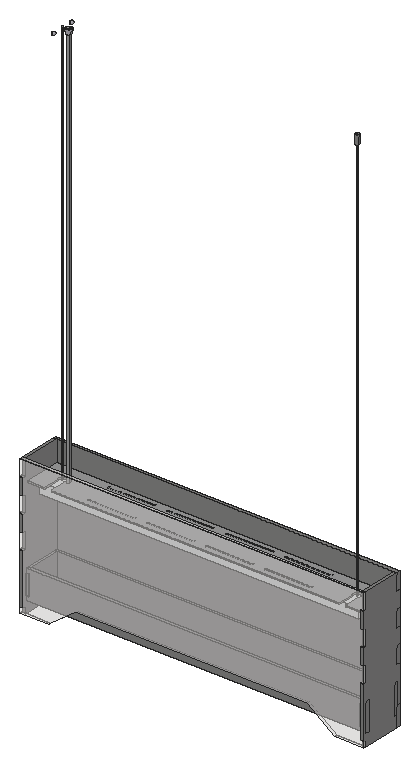
Revit family "Lighting - Lumetta - Pendant - P4217A1", category Lighting Fixtures, host Ceiling, Revit 2015
Parameters
  Wattage = 12.1178 W
  built-in parameter 1150110 = 1 (stored number, unit not read)
  URL = "https://lumetta.com/luminaires/link-acoustic-streamline-42-pendant-3/"
  built-in parameter 1114217 = 1 (stored number, unit not read)
  Top Lens-Material [instance] = Acrylic - 2447 - White
  Top Lens [instance] = yes
  built-in parameter 1150109 = 1 (stored number, unit not read)
  built-in parameter 1150134 = (empty or 0)
  Suspension [instance] = 1
  built-in parameter 1150113 = 1 (stored number, unit not read)
  P4217A1 URL [instance] = "https://lumetta.com/luminaires/link-acoustic-streamline-42-pendant-3/"
  P4217A1 [instance] = no
  Model = "P4217A1"  # constant formula
  Manufacturer = "Lumetta, Inc."  # constant formula
  Lumens = 1800 lm
  built-in parameter 1150115 = 1 (stored number, unit not read)
  built-in parameter 1150105 = 143.24 (stored number, unit not read)
  Light Source Symbol Size = 0' - 1"
  built-in parameter 1150137 = (empty or 0)
  built-in parameter 1150139 = (empty or 0)
  built-in parameter 1150112 = 1 (stored number, unit not read)
  built-in parameter 1150114 = 1 (stored number, unit not read)
  built-in parameter 1150132 = 2
  built-in parameter 1150102 = (empty or 0)
  built-in parameter 1150138 = (empty or 0)
  built-in parameter 1150107 = 3000 (stored number, unit not read)
  built-in parameter 1150106 = 1.4324 (stored number, unit not read)
  Frame Finish [instance] = Paint - Lumetta - F02 - PC_Chrome
  Fixture Drop [instance] = 4' - 0"
  Emit from Line Length = 2' - 10"
  built-in parameter 1150104 = 13.8 (stored number, unit not read)
  Dimming Lamp Color Temperature Shift = (empty or 0)
  Diffuser Material [instance] = Shade - Lumetta - D802 - AC Marble
  Description = "Link Acoustic Streamline 42'' Pendant"  # constant formula
  Coupling-Stems over 60 inches [instance] = and([2 Stems], Fixture Drop > 5' 0")  # no
  Cord Color [instance] = Cord, Black
  Cone Nut-STD-2-3Wire [instance] = Suspension = 1  # yes
  Color Filter = 16777215
  Bushing-LED-4Wire [instance] = Suspension = 2  # no
  Bottom Lens-Material [instance] = Acrylic - P95 - Etched White
  Bottom Lens [instance] = no
  built-in parameter 1114218 = 1 (stored number, unit not read)
  built-in parameter 1150133 = 10 (stored number, unit not read)
  2 Stems [instance] = Suspension = 3  # no
  1CRD-2CBL-LED-4Wire [instance] = or(Suspension = 1, Suspension = 2)  # yes
  1 CRD-2CBL-STD [instance] = or(Suspension = 1, Suspension = 2)  # yes
Reference planes (in)
  plane 1 "Light Source Axis (F/B)": y = 0
  plane 2 "Ceiling": z = 96.01773
  plane 3 "Light Source Axis (L/R)": x = 0
  plane 4 "Light Source Elevation": z = 45.01773
  plane 5 "Fixture-Top": z = 48.01773
  plane 6 "Lamping Start": z = 45.51773
  plane 7 "Left Stem": x = -18
  plane 8 "Right Stem": x = 18
  plane 9: x = -17.25
  plane 10: x = 17.25
  plane 11 "Right XBar": x = 18
  plane 12 "Left XBar": x = -18
  plane 13 "Left Cable": x = -18
  plane 14 "Right Cable": x = 18
  plane 15 "Frame Length-Left": x = -20
  plane 16 "Frame Length-Right": x = 20
  plane 17 "Frame Width-Front": y = 2
  plane 18 "Frame Width-Back": y = -2
  plane 19 "Outer Frame-Left": x = -21
  plane 20 "Outer Frame-Right": x = 21
  plane 21 "Outer Frame-Front": y = 2.75
  plane 22 "Outer Frame-Back": y = -2.75
  plane 23 "Cable-Cord Canopy-Left": x = -18
Forms (in)
  Extrusion 1, solid, material "Paint - Lumetta - F02 - PC_Chrome" <- "Frame Finish", visible <- "2 Stems"
    sketch origin (0, 0, 96.01773) x (1, 0, 0) y (0, 1, 0)
      loop
        line (-20.875, 2.875) -> (-20.875, -2.875) -> (-15.125, -2.875) -> (-15.125, 2.875) -> (-20.875, 2.875)
      loop
        line (20.875, -2.875) -> (20.875, 2.875) -> (15.125, 2.875) -> (15.125, -2.875) -> (20.875, -2.875)
    from 0 to -0.75
  Extrusion 2, solid, material "Paint - Lumetta - F02 - PC_Chrome" <- "Frame Finish", visible <- "2 Stems"
    sketch origin (18, 0.5, 96.01773) x (1, 0, 0) y (0, 1, 0)
      loop
        line (-39, 2.5) -> (-39, -3.5) -> (-33, -3.5) -> (-33, 2.5) -> (-39, 2.5)
      loop
        line (-3, 2.5) -> (-3, -3.5) -> (3, -3.5) -> (3, 2.5) -> (-3, 2.5)
    from -0.8125 to -0.75
  Revolve 3, solid, material "Paint - Lumetta - F02 - PC_Chrome" <- "Frame Finish", visible <- "Cone Nut-STD-2-3Wire"
    sketch origin (0, 0, 0) x (1, 0, 0) y (0, 0, 1)
      loop
        line (-17.25, 95.20523) -> (-17.25, 94.70523) -> (-16.96878, 94.70523) -> (-16.87659, 95.20523) -> (-17.25, 95.20523)
      axis (-17.25, 94.70523) -> (-17.25, 95.20523)
    angle from 0 to 360
  Extrusion 4, solid, material "Paint - Lumetta - F11 - PC_White"
    sketch origin (0, 0, 45.51773) x (-1, 0, 0) y (0, -1, 0)
      loop
        line (19.5, -1.54) -> (19.5, 1.54) -> (-19.5, 1.54) -> (-19.5, -1.54) -> (19.5, -1.54)
    from -0.1225 to -1.375
  Extrusion 5, solid, material "Cord, Black" <- "Cord Color", visible <- "1 CRD-2CBL-STD"
    sketch origin (0, 0, 96.01773) x (1, 0, 0) y (0, 1, 0)
      loop
        circle (-17.25, 0) r 0.1566
    from -0.75 to -50.5
  Extrusion 6, solid, material "Steel, Galvanized", visible <- "1 CRD-2CBL-STD"
    sketch origin (0, 0, 96.01773) x (1, 0, 0) y (0, 1, 0)
      loop
        circle (-18, 0) r 0.03252
      loop
        circle (18, 0) r 0.03265
    from -0.75 to -50.5
  Extrusion 7, solid, material "Paint - Lumetta - F02 - PC_Chrome" <- "Frame Finish", visible <- "2 Stems"
    sketch origin (0, 0, 96.01773) x (1, 0, 0) y (0, 1, 0)
      loop
        circle (-18, 0) r 0.25
      loop
        circle (18, 0) r 0.25
    from 0 to -50.5
  Revolve 8, solid, material "Paint - Lumetta - F02 - PC_Chrome" <- "Frame Finish", visible <- "2 Stems"
    sketch origin (0, 0, 0) x (1, 0, 0) y (0, 0, 1)
      loop
        line (-18, 95.04898) -> (-17.70148, 95.04898)
        arc (-17.70148, 95.04898) -> (-17.46866, 95.4096) -> (-17.39788, 95.83298) r 1.06037
        line (-17.39788, 95.83298) -> (-18, 95.83298) -> (-18, 95.04898)
      axis (-18, 95.04898) -> (-18, 95.83298)
    angle from 0 to 360
  Revolve 9, solid, material "Paint - Lumetta - F02 - PC_Chrome" <- "Frame Finish", visible <- "Coupling-Stems over 60 inches"
    sketch origin (0, 0, 0) x (1, 0, 0) y (0, 0, 1)
      loop
        line (-18, 108.01773) -> (-17.70764, 108.01773)
        arc (-17.70764, 108.01773) -> (-17.65786, 108.0585) -> (-17.68801, 108.11534) r 0.05078
        arc (-17.68801, 108.11534) -> (-17.65686, 108.28335) -> (-17.68801, 108.45137) r 0.46875
        arc (-17.68801, 108.45137) -> (-17.65786, 108.50821) -> (-17.70764, 108.54898) r 0.05078
        line (-17.70764, 108.54898) -> (-18, 108.54898) -> (-18, 108.01773)
      axis (-18, 108.54898) -> (-18, 108.01773)
    angle from 0 to 360
  Revolve 10, solid, material "Paint - Lumetta - F02 - PC_Chrome" <- "Frame Finish", visible <- "Coupling-Stems over 60 inches"
    sketch origin (0, 0, 0) x (-1, 0, 0) y (0, 0, 1)
      loop
        line (-18, 108.01773) -> (-17.7062, 108.01773)
        arc (-17.7062, 108.01773) -> (-17.65642, 108.0585) -> (-17.68657, 108.11534) r 0.05078
        arc (-17.68657, 108.11534) -> (-17.65542, 108.28335) -> (-17.68657, 108.45137) r 0.46875
        arc (-17.68657, 108.45137) -> (-17.65642, 108.50821) -> (-17.7062, 108.54898) r 0.05078
        line (-17.7062, 108.54898) -> (-18, 108.54898) -> (-18, 108.01773)
      axis (-18, 108.54898) -> (-18, 108.01773)
    angle from 0 to 360
  Revolve 11, solid, material "Paint - Lumetta - F02 - PC_Chrome" <- "Frame Finish", visible <- "2 Stems"
    sketch origin (0, 0, 0) x (-1, 0, 0) y (0, 0, 1)
      loop
        line (-18, 95.04898) -> (-17.70148, 95.04898)
        arc (-17.70148, 95.04898) -> (-17.45187, 95.31397) -> (-17.39788, 95.67398) r 0.60938
        line (-17.39788, 95.67398) -> (-18, 95.67398) -> (-18, 95.04898)
      axis (-18, 95.04898) -> (-18, 95.67398)
    angle from 0 to 360
  Extrusion 12, solid, material "Paint - Lumetta - F02 - PC_Chrome" <- "Frame Finish", visible <- "Bushing-LED-4Wire"
    sketch origin (0, 0, 96.01773) x (1, 0, 0) y (0, 1, 0)
      loop
        circle (-17.25, 0) r 0.37341
      loop
        circle (-17.25, 0) r 0.25
    from -0.91406 to -0.8125
  Extrusion 13, solid, material "Shade - Lumetta - D802 - AC Marble" <- "Diffuser Material"
    sketch origin (0, 2.75, 0) x (-1, 0, 0) y (0, 0, 1)
      loop
        line (-21, 46.01773) -> (-20.625, 46.01773) -> (-20.625, 44.01773) -> (-21, 44.01773) -> (-21, 42.01773) -> (-20.625, 42.01773) -> (-20.625, 40.01773) -> (-21, 40.01773) -> (-21, 38.01773) -> (-20.625, 38.01773) -> (-20.625, 33.51773) -> (-21, 33.51773) -> (-21, 31.01773) -> (-17.5, 31.01773) -> (-14.125, 33.51773) -> (14.125, 33.51773) -> (17.5, 31.01773) -> (21, 31.01773) -> (21, 33.51773) -> (20.625, 33.51773) -> (20.625, 38.01773) -> (21, 38.01773) -> (21, 40.01773) -> (20.625, 40.01773) -> (20.625, 42.01773) -> (21, 42.01773) -> (21, 44.01773) -> (20.625, 44.01773) -> (20.625, 46.01773) -> (21, 46.01773) -> (21, 48.01773) -> (-21, 48.01773) -> (-21, 46.01773)
    from -0.37949 to 0
  Extrusion 14, solid, material "Shade - Lumetta - D802 - AC Marble" <- "Diffuser Material"
    sketch origin (-21, 0, 0) x (0, -1, 0) y (0, 0, -1)
      loop
        line (-1.99551, -32.51773) -> (-2.37051, -32.51773) -> (-2.37051, -36.01773) -> (-1.99551, -36.01773) -> (-1.99551, -32.51773)
      loop
        line (2.00449, -32.51773) -> (2.00449, -36.01773) -> (2.37949, -36.01773) -> (2.37949, -32.51773) -> (2.00449, -32.51773)
      loop
        line (2.37949, -31.01773) -> (-2.37051, -31.01773) -> (-2.37051, -31.76773) -> (-2.74551, -31.76773) -> (-2.74551, -38.01773) -> (-2.37051, -38.01773) -> (-2.37051, -40.01773) -> (-2.74551, -40.01773) -> (-2.74551, -42.01773) -> (-2.37051, -42.01773) -> (-2.37051, -44.01773) -> (-2.74551, -44.01773) -> (-2.74551, -46.01773) -> (-2.37051, -46.01773) -> (-2.37051, -48.01773) -> (2.37949, -48.01773) -> (2.37949, -46.01773) -> (2.75449, -46.01773) -> (2.75449, -44.01773) -> (2.37949, -44.01773) -> (2.37949, -42.01773) -> (2.75449, -42.01773) -> (2.75449, -40.01773) -> (2.37949, -40.01773) -> (2.37949, -38.01773) -> (2.75449, -38.01773) -> (2.75449, -31.76773) -> (2.37949, -31.76773) -> (2.37949, -31.01773)
    from 0 to 0.375
  Extrusion 15, solid, material "Shade - Lumetta - D802 - AC Marble" <- "Diffuser Material"
    sketch origin (20.625, 0, 0) x (0, -1, 0) y (0, 0, -1)
      loop
        line (-1.99551, -32.51773) -> (-2.37051, -32.51773) -> (-2.37051, -36.01773) -> (-1.99551, -36.01773) -> (-1.99551, -32.51773)
      loop
        line (2.00449, -32.51773) -> (2.00449, -36.01773) -> (2.37949, -36.01773) -> (2.37949, -32.51773) -> (2.00449, -32.51773)
      loop
        line (2.37949, -31.01773) -> (-2.37051, -31.01773) -> (-2.37051, -31.76773) -> (-2.74551, -31.76773) -> (-2.74551, -38.01773) -> (-2.37051, -38.01773) -> (-2.37051, -40.01773) -> (-2.74551, -40.01773) -> (-2.74551, -42.01773) -> (-2.37051, -42.01773) -> (-2.37051, -44.01773) -> (-2.74551, -44.01773) -> (-2.74551, -46.01773) -> (-2.37051, -46.01773) -> (-2.37051, -48.01773) -> (2.37949, -48.01773) -> (2.37949, -46.01773) -> (2.75449, -46.01773) -> (2.75449, -44.01773) -> (2.37949, -44.01773) -> (2.37949, -42.01773) -> (2.75449, -42.01773) -> (2.75449, -40.01773) -> (2.37949, -40.01773) -> (2.37949, -38.01773) -> (2.75449, -38.01773) -> (2.75449, -31.76773) -> (2.37949, -31.76773) -> (2.37949, -31.01773)
    from 0 to 0.375
  Extrusion 16, solid, material "Shade - Lumetta - D61 - MT_White"
    sketch origin (0, -2.75, 0) x (1, 0, 0) y (0, 0, 1)
      loop
        line (21, 46.01773) -> (21, 48.01773) -> (-21, 48.01773) -> (-21, 46.01773) -> (-20.625, 46.01773) -> (-20.625, 44.01773) -> (-21, 44.01773) -> (-21, 42.01773) -> (-20.625, 42.01773) -> (-20.625, 40.01773) -> (-21, 40.01773) -> (-21, 38.01773) -> (-20.625, 38.01773) -> (-20.625, 31.76773) -> (-21, 31.76773) -> (-21, 31.01773) -> (-17.5, 31.01773) -> (-14.125, 33.51773) -> (14.125, 33.51773) -> (17.5, 31.01773) -> (21, 31.01773) -> (21, 31.76773) -> (20.625, 31.76773) -> (20.625, 38.01773) -> (21, 38.01773) -> (21, 40.01773) -> (20.625, 40.01773) -> (20.625, 42.01773) -> (21, 42.01773) -> (21, 44.01773) -> (20.625, 44.01773) -> (20.625, 46.01773) -> (21, 46.01773)
    from -0.37051 to 0
  Revolve 17, solid, material "Shade - Lumetta - D802 - AC Marble", visible <- "1 CRD-2CBL-STD"
    sketch origin (0, 0, 0) x (1, 0, 0) y (0, 0, 1)
      loop
        line (18, 96.01773) -> (18, 95.01773) -> (18.25, 95.01773) -> (18.25, 96.01773) -> (18, 96.01773)
      axis (18, 96.01773) -> (18, 95.01773)
    angle from 0 to 360
  Revolve 18, solid, material "Paint - Lumetta - F02 - PC_Chrome" <- "Frame Finish", visible <- "2 Stems"
    sketch origin (0, 0, 0) x (1, 0, 0) y (0, 0, 1)
      loop
        arc (-16.0625, 94.83603) -> (-15.875, 95.02353) -> (-16.0625, 95.21103) r 0.1875
        line (-16.0625, 95.21103) -> (-16.0625, 94.83603)
      axis (-16.0625, 95.21103) -> (-16.0625, 94.83603)
    angle from 0 to 360
  Revolve 19, solid, material "Paint - Lumetta - F02 - PC_Chrome" <- "Frame Finish", visible <- "2 Stems"
    sketch origin (-4.25, 0, 0) x (1, 0, 0) y (0, 0, 1)
      loop
        arc (-15.6875, 94.83023) -> (-15.5, 95.01773) -> (-15.6875, 95.20523) r 0.1875
        line (-15.6875, 95.20523) -> (-15.6875, 94.83023)
      axis (-15.6875, 95.20523) -> (-15.6875, 94.83023)
    angle from 0 to 360
  Revolve 20, solid, material "Paint - Lumetta - F02 - PC_Chrome" <- "Frame Finish", visible <- "2 Stems"
    sketch origin (0, 0, 0) x (-1, 0, 0) y (0, 0, 1)
      loop
        arc (-16.0625, 94.83603) -> (-15.875, 95.02353) -> (-16.0625, 95.21103) r 0.1875
        line (-16.0625, 95.21103) -> (-16.0625, 94.83603)
      axis (-16.0625, 95.21103) -> (-16.0625, 94.83603)
    angle from 0 to 360
  Revolve 21, solid, material "Paint - Lumetta - F02 - PC_Chrome" <- "Frame Finish", visible <- "2 Stems"
    sketch origin (4.25, 0, 0) x (-1, 0, 0) y (0, 0, 1)
      loop
        arc (-15.6875, 94.83023) -> (-15.5, 95.01773) -> (-15.6875, 95.20523) r 0.1875
        line (-15.6875, 95.20523) -> (-15.6875, 94.83023)
      axis (-15.6875, 95.20523) -> (-15.6875, 94.83023)
    angle from 0 to 360
  Revolve 22, solid, material "Paint - Lumetta - F02 - PC_Chrome" <- "Frame Finish", visible <- "1 CRD-2CBL-STD"
    sketch origin (-18, 0, 0) x (0, 0, 1) y (0, -1, 0)
      loop
        arc (95.20961, 1.375) -> (95.02211, 1.5625) -> (94.83461, 1.375) r 0.1875
        line (94.83461, 1.375) -> (95.20961, 1.375)
      axis (94.83461, 1.375) -> (95.20961, 1.375)
    angle from 0 to 360
  Revolve 23, solid, material "Paint - Lumetta - F02 - PC_Chrome" <- "Frame Finish", visible <- "1 CRD-2CBL-STD"
    sketch origin (-18, 0, 0) x (0, 0, 1) y (0, 1, 0)
      loop
        arc (95.20961, 1.375) -> (95.02211, 1.5625) -> (94.83461, 1.375) r 0.1875
        line (94.83461, 1.375) -> (95.20961, 1.375)
      axis (94.83461, 1.375) -> (95.20961, 1.375)
    angle from 0 to 360
  Extrusion 24, solid, material "Acrylic - 2447 - White" <- "Top Lens-Material", visible <- "Top Lens"
    sketch origin (0.0433, 0, 45.51773) x (-1, 0, 0) y (0, -1, 0)
      loop
        arc (13.56517, -1.67901) -> (13.69017, -1.55401) -> (13.56517, -1.42901) r 0.125
        line (13.56517, -1.42901) -> (8.06517, -1.42901)
        arc (8.06517, -1.42901) -> (7.94017, -1.55401) -> (8.06517, -1.67901) r 0.125
        line (8.06517, -1.67901) -> (13.56517, -1.67901)
      loop
        line (13.56517, 1.63349) -> (8.06517, 1.63349)
        arc (8.06517, 1.63349) -> (7.94017, 1.50849) -> (8.06517, 1.38349) r 0.125
        line (8.06517, 1.38349) -> (13.56517, 1.38349)
        arc (13.56517, 1.38349) -> (13.69017, 1.50849) -> (13.56517, 1.63349) r 0.125
      loop
        arc (6.36517, -1.67901) -> (6.49017, -1.55401) -> (6.36517, -1.42901) r 0.125
        line (6.36517, -1.42901) -> (0.86517, -1.42901)
        arc (0.86517, -1.42901) -> (0.74017, -1.55401) -> (0.86517, -1.67901) r 0.125
        line (0.86517, -1.67901) -> (6.36517, -1.67901)
      loop
        line (6.36517, 1.63349) -> (0.86517, 1.63349)
        arc (0.86517, 1.63349) -> (0.74017, 1.50849) -> (0.86517, 1.38349) r 0.125
        line (0.86517, 1.38349) -> (6.36517, 1.38349)
        arc (6.36517, 1.38349) -> (6.49017, 1.50849) -> (6.36517, 1.63349) r 0.125
      loop
        arc (-0.83483, -1.67901) -> (-0.70983, -1.55401) -> (-0.83483, -1.42901) r 0.125
        line (-0.83483, -1.42901) -> (-6.33483, -1.42901)
        arc (-6.33483, -1.42901) -> (-6.45983, -1.55401) -> (-6.33483, -1.67901) r 0.125
        line (-6.33483, -1.67901) -> (-0.83483, -1.67901)
      loop
        line (-0.83483, 1.63349) -> (-6.33483, 1.63349)
        arc (-6.33483, 1.63349) -> (-6.45983, 1.50849) -> (-6.33483, 1.38349) r 0.125
        line (-6.33483, 1.38349) -> (-0.83483, 1.38349)
        arc (-0.83483, 1.38349) -> (-0.70983, 1.50849) -> (-0.83483, 1.63349) r 0.125
      loop
        arc (-8.03483, -1.67901) -> (-7.90983, -1.55401) -> (-8.03483, -1.42901) r 0.125
        line (-8.03483, -1.42901) -> (-13.53483, -1.42901)
        arc (-13.53483, -1.42901) -> (-13.65983, -1.55401) -> (-13.53483, -1.67901) r 0.125
        line (-13.53483, -1.67901) -> (-8.03483, -1.67901)
      loop
        line (-8.03483, 1.63349) -> (-13.53483, 1.63349)
        arc (-13.53483, 1.63349) -> (-13.65983, 1.50849) -> (-13.53483, 1.38349) r 0.125
        line (-13.53483, 1.38349) -> (-8.03483, 1.38349)
        arc (-8.03483, 1.38349) -> (-7.90983, 1.50849) -> (-8.03483, 1.63349) r 0.125
      loop
        arc (20.54642, 2.13349) -> (20.50981, 2.22188) -> (20.42142, 2.25849) r 0.125
        line (20.42142, 2.25849) -> (18.51517, 2.25849)
        arc (18.51517, 2.25849) -> (18.42678, 2.22188) -> (18.39017, 2.13349) r 0.125
        line (18.39017, 2.13349) -> (18.39017, 0.35224)
        arc (18.39017, 0.35224) -> (18.39658, 0.31271) -> (18.41517, 0.27724) r 0.125
        arc (18.41517, 0.27724) -> (18.01517, -0.52276) -> (17.61517, 0.27724) r 0.5
        arc (17.61517, 0.27724) -> (17.63376, 0.31271) -> (17.64017, 0.35224) r 0.125
        line (17.64017, 0.35224) -> (17.64017, 2.13349)
        arc (17.64017, 2.13349) -> (17.60356, 2.22188) -> (17.51517, 2.25849) r 0.125
        line (17.51517, 2.25849) -> (-17.48483, 2.25849)
        arc (-17.48483, 2.25849) -> (-17.57322, 2.22188) -> (-17.60983, 2.13349) r 0.125
        line (-17.60983, 2.13349) -> (-17.60983, 0.35224)
        arc (-17.60983, 0.35224) -> (-17.60342, 0.31271) -> (-17.58483, 0.27724) r 0.125
        arc (-17.58483, 0.27724) -> (-17.98483, -0.52276) -> (-18.38483, 0.27724) r 0.5
        arc (-18.38483, 0.27724) -> (-18.36624, 0.31271) -> (-18.35983, 0.35224) r 0.125
        line (-18.35983, 0.35224) -> (-18.35983, 2.13349)
        arc (-18.35983, 2.13349) -> (-18.39644, 2.22188) -> (-18.48483, 2.25849) r 0.125
        line (-18.48483, 2.25849) -> (-20.39108, 2.25849)
        arc (-20.39108, 2.25849) -> (-20.47947, 2.22188) -> (-20.51608, 2.13349) r 0.125
        line (-20.51608, 2.13349) -> (-20.51608, -2.17901)
        arc (-20.51608, -2.17901) -> (-20.47947, -2.2674) -> (-20.39108, -2.30401) r 0.125
        line (-20.39108, -2.30401) -> (20.42142, -2.30401)
        arc (20.42142, -2.30401) -> (20.50981, -2.2674) -> (20.54642, -2.17901) r 0.125
        line (20.54642, -2.17901) -> (20.54642, 2.13349)
    from -0.1225 to 0
  Extrusion 25, solid, material "Shade - Lumetta - D802 - AC Marble" <- "Diffuser Material"
    sketch origin (0, 0, 0) x (1, 0, 0) y (0, 0, 1)
      loop
        line (-21, 36.01332) -> (-21, 32.51332) -> (21, 32.51332) -> (21, 36.01332) -> (-21, 36.01332)
      loop
        line (-20.25, 35.51332) -> (-20.625, 35.51332) -> (-20.625, 33.01332) -> (-20.25, 33.01332) -> (-20.25, 35.51332)
      loop
        line (20.25, 35.51332) -> (20.25, 33.01332) -> (20.625, 33.01332) -> (20.625, 35.51332) -> (20.25, 35.51332)
    from -2.37051 to -2
  Extrusion 26, solid, material "Shade - Lumetta - D802 - AC Marble" <- "Diffuser Material"
    sketch origin (0, 0, 0) x (1, 0, 0) y (0, 0, -1)
      loop
        line (-21, -36.01332) -> (21, -36.01332) -> (21, -32.51332) -> (-21, -32.51332) -> (-21, -36.01332)
      loop
        line (-20.25, -35.51332) -> (-20.25, -33.01332) -> (-20.625, -33.01332) -> (-20.625, -35.51332) -> (-20.25, -35.51332)
      loop
        line (20.25, -35.51332) -> (20.625, -35.51332) -> (20.625, -33.01332) -> (20.25, -33.01332) -> (20.25, -35.51332)
    from -2.37949 to -2
  Extrusion 27, solid, material "Acrylic - P95 - Etched White" <- "Bottom Lens-Material", visible <- "Bottom Lens"
    sketch origin (0, 0, 48.01773) x (0, -1, 0) y (1, 0, 0)
      loop
        line (2.34375, -20.30625) -> (2.34375, 20.33256)
        arc (2.34375, 20.33256) -> (2.26725, 20.51725) -> (2.08256, 20.59375) r 0.26119
        line (2.08256, 20.59375) -> (-2.24506, 20.59375)
        arc (-2.24506, 20.59375) -> (-2.31484, 20.56484) -> (-2.34375, 20.49506) r 0.09869
        line (-2.34375, 20.49506) -> (-2.34375, -20.46875)
        arc (-2.34375, -20.46875) -> (-2.30714, -20.55714) -> (-2.21875, -20.59375) r 0.125
        line (-2.21875, -20.59375) -> (2.05625, -20.59375)
        arc (2.05625, -20.59375) -> (2.25954, -20.50954) -> (2.34375, -20.30625) r 0.2875
    from -12 to -11.90789
  Extrusion 28, solid, material "Shade - Lumetta - D802 - AC Marble" <- "Diffuser Material"
    sketch origin (0, 0, 0) x (0, 1, 0) y (0, 0, 1)
      loop
        line (-2.02583, 35.51773) -> (-2.40083, 35.51773) -> (-2.40083, 33.01773) -> (-2.02583, 33.01773) -> (-2.02583, 32.51773) -> (1.97417, 32.51773) -> (1.97417, 33.01773) -> (2.34917, 33.01773) -> (2.34917, 35.51773) -> (1.97417, 35.51773) -> (1.97417, 36.01773) -> (-2.02583, 36.01773) -> (-2.02583, 35.51773)
    from -20.625 to -20.25
  Extrusion 29, solid, material "Shade - Lumetta - D802 - AC Marble" <- "Diffuser Material"
    sketch origin (0, 0, 0) x (0, 1, 0) y (0, 0, -1)
      loop
        line (-2.02583, -35.51773) -> (-2.02583, -36.01773) -> (1.97417, -36.01773) -> (1.97417, -35.51773) -> (2.34917, -35.51773) -> (2.34917, -33.01773) -> (1.97417, -33.01773) -> (1.97417, -32.51773) -> (-2.02583, -32.51773) -> (-2.02583, -33.01773) -> (-2.40083, -33.01773) -> (-2.40083, -35.51773) -> (-2.02583, -35.51773)
    from -20.625 to -20.25
Dimensions and locks (in)
  equal spacing: host sketch curve, plane 3 "Light Source Axis (L/R)", host sketch curve
  equal spacing: host sketch curve, plane 1 "Light Source Axis (F/B)", host sketch curve
  host sketch curve to host sketch curve = 10' - 0"  (x2)
  plane 5 "Fixture-Top" to plane 4 "Light Source Elevation" = 0' - 3"
  "Fixture Drop": plane 2 "Ceiling" to plane 5 "Fixture-Top"
  locked: Extrusion 2 to Revolve 3 sketch curve at 0.5
  locked: imposter light to Extrusion 4 sketch curve at 1.54
  locked: plane 1 "Light Source Axis (F/B)" to Extrusion 4 sketch curve at 1.54
  locked: Extrusion 2 to Revolve 8 sketch curve at 0.15625
  Revolve 9 sketch curve to level = 9' - 0.01773"
  locked: Revolve 9 sketch curve to Revolve 9 sketch curve at 0.53125
  locked: Revolve 9 sketch curve to Revolve 9 sketch curve at 0.26563
  locked: Revolve 9 sketch curve to Revolve 9 sketch curve at 0.05078  (x2)
  locked: Revolve 10 sketch curve to Revolve 10 sketch curve at 0.53125
  locked: Revolve 10 sketch curve to Revolve 10 sketch curve at 0.26563
  locked: Revolve 10 sketch curve to Revolve 10 sketch curve at 0.05078  (x2)
  Extrusion 12 sketch curve to plane 3 "Light Source Axis (L/R)" = 1' - 5 1/4"  (x2)
  locked: Revolve 10 sketch curve to plane 5 "Fixture-Top" at 60
  locked: Revolve 9 sketch curve to plane 5 "Fixture-Top" at 60
  plane 5 "Fixture-Top" to plane 6 "Lamping Start" = 0' - 2 1/2"  (x2)
  locked: plane 6 "Lamping Start" to Extrusion 4 at 1.375
  equal spacing: Extrusion 6 sketch curve, plane 3 "Light Source Axis (L/R)", Extrusion 6 sketch curve
  plane 3 "Light Source Axis (L/R)" to Revolve 3 sketch curve = 1' - 5 1/4"
  Extrusion 5 sketch curve to plane 3 "Light Source Axis (L/R)" = 1' - 5 1/4"
  plane 3 "Light Source Axis (L/R)" to Extrusion 7 sketch curve = 1' - 6"
  plane 3 "Light Source Axis (L/R)" to Revolve 10 sketch curve = 1' - 6"
  locked: Revolve 8 sketch curve to plane 7 "Left Stem" at 0
  locked: Revolve 8 sketch curve to Revolve 8 sketch curve at 0.45748
  locked: plane 8 "Right Stem" to Revolve 11 sketch curve at 0  (x2)
  locked: Revolve 11 sketch curve to plane 8 "Right Stem" at 0
  locked: Revolve 9 sketch curve to plane 7 "Left Stem" at 0  (x2)
  locked: Revolve 9 sketch curve to plane 7 "Left Stem" at 0.29236  (x2)
  locked: plane 7 "Left Stem" to Revolve 9 sketch curve at 0.12561
  locked: Revolve 10 sketch curve to plane 8 "Right Stem" at 0  (x2)
  locked: plane 8 "Right Stem" to Revolve 10 sketch curve at 0.2938  (x2)
  locked: Revolve 10 sketch curve to plane 8 "Right Stem" at 0.12417
  locked: plane 9 to Revolve 3 sketch curve at 0
  Revolve 3 sketch curve to plane 9 = 0' - 0"
  locked: Revolve 3 sketch curve to plane 9 at 0.37341
  locked: Revolve 3 sketch curve to plane 9 at 0.28122
  plane 3 "Light Source Axis (L/R)" to plane 9 = 1' - 5 1/4"
  equal spacing: plane 10, plane 3 "Light Source Axis (L/R)", plane 9
  locked: plane 6 "Lamping Start" to Extrusion 4 at 0.1225
  equal spacing: plane 12 "Left XBar", plane 3 "Light Source Axis (L/R)", plane 11 "Right XBar"
  locked: plane 12 "Left XBar" to plane 11 "Right XBar" at 36
  equal spacing: plane 13 "Left Cable", plane 3 "Light Source Axis (L/R)", plane 14 "Right Cable"
  plane 13 "Left Cable" to plane 14 "Right Cable" = 3' - 0"
  locked: Extrusion 6 sketch curve to plane 13 "Left Cable" at 0
  equal spacing: plane 7 "Left Stem", plane 3 "Light Source Axis (L/R)", plane 8 "Right Stem"
  plane 7 "Left Stem" to plane 8 "Right Stem" = 3' - 0"
  equal spacing: plane 15 "Frame Length-Left", plane 3 "Light Source Axis (L/R)", plane 16 "Frame Length-Right"
  plane 15 "Frame Length-Left" to plane 16 "Frame Length-Right" = 3' - 4"
  equal spacing: plane 17 "Frame Width-Front", plane 1 "Light Source Axis (F/B)", plane 18 "Frame Width-Back"
  plane 17 "Frame Width-Front" to plane 18 "Frame Width-Back" = 0' - 4"
  equal spacing: plane 19 "Outer Frame-Left", plane 3 "Light Source Axis (L/R)", plane 20 "Outer Frame-Right"
  equal spacing: plane 22 "Outer Frame-Back", plane 1 "Light Source Axis (F/B)", plane 21 "Outer Frame-Front"
  plane 19 "Outer Frame-Left" to plane 20 "Outer Frame-Right" = 3' - 6"
  plane 21 "Outer Frame-Front" to plane 22 "Outer Frame-Back" = 0' - 5 1/2"
  locked: Extrusion 7 sketch curve to plane 7 "Left Stem"
  locked: plane 8 "Right Stem" to Extrusion 7 sketch curve
  locked: Extrusion 4 sketch curve to plane 12 "Left XBar" at 1.5
  locked: plane 11 "Right XBar" to Extrusion 4 sketch curve at 1.5
  locked: Extrusion 2 sketch curve to Extrusion 2 sketch curve at 6  (x4)
  locked: plane 1 "Light Source Axis (F/B)" to Extrusion 2 sketch curve at 3
  plane 1 "Light Source Axis (F/B)" to Extrusion 2 sketch curve = 0' - 3"
  locked: Extrusion 2 sketch curve to Extrusion 2 sketch curve at 30
  locked: Extrusion 2 sketch curve to plane 3 "Light Source Axis (L/R)" at 15
  locked: Extrusion 1 sketch curve to Extrusion 1 sketch curve at 5.75  (x4)
  locked: Extrusion 1 sketch curve to plane 1 "Light Source Axis (F/B)" at 2.875  (x2)
  locked: Extrusion 1 sketch curve to Extrusion 1 sketch curve at 30.25
  locked: Extrusion 1 sketch curve to plane 3 "Light Source Axis (L/R)" at 15.125
  locked: Extrusion 13 to Extrusion 13 at 0.37949
  plane 21 "Outer Frame-Front" to plane 1 "Light Source Axis (F/B)" = 0' - 2 3/4"
  plane 1 "Light Source Axis (F/B)" to plane 22 "Outer Frame-Back" = 0' - 2 3/4"
  plane 1 "Light Source Axis (F/B)" to plane 18 "Frame Width-Back" = 0' - 2"
  plane 17 "Frame Width-Front" to plane 1 "Light Source Axis (F/B)" = 0' - 2"
  plane 3 "Light Source Axis (L/R)" to plane 19 "Outer Frame-Left" = 1' - 9"
  plane 3 "Light Source Axis (L/R)" to plane 15 "Frame Length-Left" = 1' - 8"
  plane 3 "Light Source Axis (L/R)" to plane 20 "Outer Frame-Right" = 1' - 9"
  plane 16 "Frame Length-Right" to plane 3 "Light Source Axis (L/R)" = 1' - 8"
  locked: Extrusion 14 sketch curve to Extrusion 14 sketch curve at 17
  locked: Extrusion 13 sketch curve to Extrusion 13 sketch curve at 17
  locked: Extrusion 13 sketch curve to Extrusion 13 sketch curve at 2.5
  locked: Extrusion 15 sketch curve to Extrusion 15 sketch curve at 17
  locked: Extrusion 16 sketch curve to Extrusion 16 sketch curve at 17  (x2)
  locked: Extrusion 16 sketch curve to Extrusion 16 sketch curve at 2  (x9)
  locked: Extrusion 16 sketch curve to Extrusion 16 sketch curve at 6.25  (x2)
  locked: Extrusion 16 sketch curve to Extrusion 16 sketch curve at 0.375  (x8)
  locked: Extrusion 16 sketch curve to Extrusion 16 sketch curve at 2.5
  locked: Extrusion 16 sketch curve to Extrusion 16 sketch curve at 42
  locked: plane 5 "Fixture-Top" to Extrusion 13 at 0
  locked: Extrusion 16 to plane 22 "Outer Frame-Back" at 0.37051
  Revolve 17 sketch curve to plane 3 "Light Source Axis (L/R)" = 1' - 6"
  Revolve 17 sketch curve to Revolve 17 sketch curve = 0' - 0 1/4"
  plane 2 "Ceiling" to Revolve 17 sketch curve = 0' - 1"
  locked: Extrusion 2 to Revolve 18 sketch curve at 0.18169
  locked: Extrusion 2 to Revolve 18 sketch curve at 1.0625
  locked: plane 19 "Outer Frame-Left" to Revolve 19 sketch curve at 1.0625
  locked: Extrusion 2 to Revolve 19 sketch curve at 1.0625
  locked: Revolve 19 sketch curve to Revolve 19 sketch curve at 0
  locked: Extrusion 2 to Revolve 19 sketch curve at 0.1875
  locked: Revolve 18 sketch curve to Revolve 18 sketch curve
  Revolve 18 sketch curve to Revolve 18 sketch curve = 0' - 0"
  locked: Revolve 21 sketch curve to Revolve 21 sketch curve at 0
  locked: Revolve 20 sketch curve to Revolve 20 sketch curve
  Revolve 20 sketch curve to Revolve 20 sketch curve = 0' - 0"
  plane 3 "Light Source Axis (L/R)" to plane 23 "Cable-Cord Canopy-Left" = 1' - 6"
  plane 1 "Light Source Axis (F/B)" to Revolve 22 sketch curve = 0' - 1 3/8"
  locked: Revolve 22 sketch curve to Extrusion 2 at 0.18312
  locked: Revolve 22 sketch curve to Revolve 22 sketch curve at 0  (x2)
  locked: Revolve 23 sketch curve to Revolve 23 sketch curve at 0  (x2)
  Extrusion 24 sketch curve to plane 3 "Light Source Axis (L/R)" = 1' - 5.97187"
  Extrusion 24 sketch curve to plane 3 "Light Source Axis (L/R)" = 1' - 8.50312"
  locked: Extrusion 24 sketch curve to Extrusion 24 sketch curve at 41.0625
  locked: Extrusion 24 sketch curve to Extrusion 24 sketch curve at 36
  locked: Extrusion 24 sketch curve to Extrusion 24 sketch curve at 27.1  (x2)
  locked: Extrusion 24 sketch curve to plane 1 "Light Source Axis (F/B)" at 2.30401
  locked: Extrusion 24 sketch curve to Extrusion 24 sketch curve at 4.5625  (x3)
  locked: Extrusion 24 to Extrusion 24 at 0.1225
  locked: Extrusion 25 sketch curve to Extrusion 25 sketch curve at 3.5
  locked: Extrusion 25 sketch curve to Extrusion 25 sketch curve at 2.5  (x2)
  locked: Extrusion 25 sketch curve to Extrusion 25 sketch curve at 0.5  (x2)
  locked: plane 3 "Light Source Axis (L/R)" to Extrusion 25 sketch curve at 21
  locked: Extrusion 25 sketch curve to Extrusion 25 sketch curve at 42
  locked: Extrusion 25 sketch curve to Extrusion 25 sketch curve at 0.375  (x2)
  locked: Extrusion 25 sketch curve to Extrusion 14
  locked: Extrusion 15 to Extrusion 25 sketch curve at 0
  locked: Extrusion 26 sketch curve to Extrusion 26 sketch curve at 3.5
  locked: Extrusion 26 sketch curve to Extrusion 26 sketch curve at 2.5  (x2)
  locked: Extrusion 26 sketch curve to Extrusion 26 sketch curve at 0.5  (x2)
  locked: Extrusion 26 sketch curve to Extrusion 26 sketch curve at 42
  locked: Extrusion 26 sketch curve to Extrusion 26 sketch curve at 0.375  (x2)
  locked: Extrusion 13 to Extrusion 25 at 1.49559
  locked: Extrusion 13 to Extrusion 26 at 1.49559
  locked: Extrusion 27 sketch curve to Extrusion 27 sketch curve at 41.1875
  locked: Extrusion 27 sketch curve to Extrusion 27 sketch curve at 4.6875
  locked: plane 1 "Light Source Axis (F/B)" to Extrusion 27 sketch curve at 2.34375
  locked: Extrusion 27 sketch curve to plane 3 "Light Source Axis (L/R)" at 20.59375
  locked: Extrusion 27 to Extrusion 26 at 0.09651
  locked: Extrusion 28 sketch curve to Extrusion 28 sketch curve at 3.5
  locked: Extrusion 28 sketch curve to Extrusion 28 sketch curve at 4.75
  locked: Extrusion 15 to Extrusion 28 sketch curve at 1.5
  locked: Extrusion 29 sketch curve to Extrusion 29 sketch curve at 3.5
  locked: Extrusion 29 sketch curve to Extrusion 29 sketch curve at 4.75
  locked: Extrusion 13 to Extrusion 13 at 17  (x2)
  aligned and locked: plane 3 "Light Source Axis (L/R)" to imposter light
  aligned and locked: plane 1 "Light Source Axis (F/B)" to imposter light
  aligned and locked: plane 4 "Light Source Elevation" to imposter light
  aligned and locked: Extrusion 5 to Extrusion 1
  aligned and locked: plane 2 "Ceiling" to Extrusion 7
  aligned and locked: Extrusion 5 to plane 6 "Lamping Start"
  aligned and locked: Extrusion 6 to plane 6 "Lamping Start"
  aligned and locked: Extrusion 7 to Extrusion 5
  aligned and locked: plane 21 "Outer Frame-Front" to Extrusion 13
  aligned and locked: Extrusion 15 to Extrusion 13
  aligned and locked: plane 22 "Outer Frame-Back" to Extrusion 16
  aligned and locked: Revolve 17 sketch curve to plane 2 "Ceiling"
  aligned and locked: plane 6 "Lamping Start" to Extrusion 24
  aligned and locked: Extrusion 25 to Extrusion 13
  aligned and locked: Extrusion 25 to plane 17 "Frame Width-Front"
  aligned and locked: plane 18 "Frame Width-Back" to Extrusion 26
  aligned and locked: Extrusion 26 to Extrusion 14
  aligned and locked: Extrusion 14 to Extrusion 27
  aligned and locked: Extrusion 13 to Extrusion 28
  aligned and locked: Extrusion 28 to Extrusion 25
  aligned and locked: Extrusion 29 to Extrusion 13
  aligned and locked: Extrusion 29 to Extrusion 25
Automatic sketch dimensions
  Revolve 3 sketch curve to Revolve 3 sketch curve = 0' - 0 1/2"
  Revolve 3 sketch curve to Revolve 3 sketch curve = 0' - 0"
  plane 2 "Ceiling" to Revolve 3 sketch curve = 0' - 2 11/16"
  plane 1 "Light Source Axis (F/B)" to Extrusion 6 sketch curve = 0' - 0"  (x2)
  plane 1 "Light Source Axis (F/B)" to Extrusion 7 sketch curve = 0' - 0"  (x2)
  Revolve 8 sketch curve to plane 7 "Left Stem" = 0' - 0"
  plane 7 "Left Stem" to Revolve 8 sketch curve = 0' - 0.29852"
  Revolve 8 sketch curve to plane 9 = 0' - 0.14788"
  Revolve 8 sketch curve to plane 2 "Ceiling" = 0' - 0.2252"
  Revolve 8 sketch curve to Revolve 8 sketch curve = 1' - 1 19/32"
  plane 2 "Ceiling" to Revolve 8 sketch curve = 0' - 2 15/16"
  Revolve 9 sketch curve to Revolve 9 sketch curve = 0' - 0.01964"
  Revolve 9 sketch curve to Revolve 9 sketch curve = 0' - 0"
  plane 2 "Ceiling" to Revolve 9 sketch curve = 0' - 4 17/32"
  Revolve 10 sketch curve to Revolve 10 sketch curve = 0' - 0.01964"
  Revolve 10 sketch curve to Revolve 10 sketch curve = 0' - 0"
  Revolve 10 sketch curve to plane 2 "Ceiling" = 0' - 4 17/32"
  plane 8 "Right Stem" to Revolve 11 sketch curve = 0' - 0.29852"
  Revolve 11 sketch curve to plane 10 = 0' - 0.14788"
  plane 2 "Ceiling" to Revolve 11 sketch curve = 0' - 0 31/32"
  plane 2 "Ceiling" to Revolve 11 sketch curve = 0' - 0 7/16"
  Revolve 11 sketch curve to plane 2 "Ceiling" = 0' - 0.53351"
  Revolve 11 sketch curve to Revolve 11 sketch curve = 0' - 2.40399"
  plane 20 "Outer Frame-Right" to Extrusion 13 sketch curve = 0' - 0"  (x4)
  Extrusion 13 sketch curve to plane 19 "Outer Frame-Left" = 0' - 0"  (x4)
  Extrusion 13 sketch curve to plane 5 "Fixture-Top" = 0' - 0"
  plane 20 "Outer Frame-Right" to Extrusion 13 sketch curve = 0' - 0 3/8"  (x3)
  plane 10 to Extrusion 13 sketch curve = 0' - 0 1/4"
  Extrusion 13 sketch curve to plane 10 = 0' - 3 1/8"
  plane 9 to Extrusion 13 sketch curve = 0' - 3 1/8"
  Extrusion 13 sketch curve to plane 9 = 0' - 0 1/4"
  plane 19 "Outer Frame-Left" to Extrusion 13 sketch curve = 0' - 0 3/8"  (x3)
  level to Extrusion 13 sketch curve = 2' - 7.01773"
  Extrusion 13 sketch curve to Extrusion 13 sketch curve = 0' - 2 1/2"  (x2)
  Extrusion 13 sketch curve to Extrusion 13 sketch curve = 0' - 4 1/2"  (x2)
  Extrusion 13 sketch curve to Extrusion 13 sketch curve = 0' - 2"  (x4)
  plane 4 "Light Source Elevation" to Extrusion 13 sketch curve = 0' - 1"  (x2)
  plane 6 "Lamping Start" to Extrusion 13 sketch curve = 0' - 0 1/2"  (x2)
  plane 5 "Fixture-Top" to Extrusion 14 sketch curve = 0' - 0"
  Extrusion 14 sketch curve to plane 21 "Outer Frame-Front" = 0' - 0.00449"  (x3)
  plane 17 "Frame Width-Front" to Extrusion 14 sketch curve = 0' - 0.37051"  (x5)
  Extrusion 14 sketch curve to plane 17 "Frame Width-Front" = 0' - 0.00449"
  Extrusion 14 sketch curve to plane 18 "Frame Width-Back" = 0' - 0.00449"
  Extrusion 14 sketch curve to plane 22 "Outer Frame-Back" = 0' - 0.37051"  (x5)
  plane 22 "Outer Frame-Back" to Extrusion 14 sketch curve = 0' - 0.00449"  (x3)
  plane 6 "Lamping Start" to Extrusion 14 sketch curve = 0' - 0 1/2"  (x2)
  plane 4 "Light Source Elevation" to Extrusion 14 sketch curve = 0' - 1"  (x2)
  Extrusion 14 sketch curve to Extrusion 14 sketch curve = 0' - 2"  (x8)
  Extrusion 14 sketch curve to Extrusion 14 sketch curve = 0' - 1 1/2"  (x2)
  Extrusion 14 sketch curve to Extrusion 14 sketch curve = 0' - 0 3/4"  (x2)
  plane 5 "Fixture-Top" to Extrusion 15 sketch curve = 0' - 0"
  Extrusion 15 sketch curve to plane 21 "Outer Frame-Front" = 0' - 0.00449"  (x3)
  plane 17 "Frame Width-Front" to Extrusion 15 sketch curve = 0' - 0.37051"  (x5)
  Extrusion 15 sketch curve to plane 17 "Frame Width-Front" = 0' - 0.00449"
  Extrusion 15 sketch curve to plane 18 "Frame Width-Back" = 0' - 0.00449"
  Extrusion 15 sketch curve to plane 22 "Outer Frame-Back" = 0' - 0.37051"  (x5)
  plane 22 "Outer Frame-Back" to Extrusion 15 sketch curve = 0' - 0.00449"  (x3)
  plane 6 "Lamping Start" to Extrusion 15 sketch curve = 0' - 0 1/2"  (x2)
  plane 4 "Light Source Elevation" to Extrusion 15 sketch curve = 0' - 1"  (x2)
  Extrusion 15 sketch curve to Extrusion 15 sketch curve = 0' - 2"  (x8)
  Extrusion 15 sketch curve to Extrusion 15 sketch curve = 0' - 1 1/2"  (x2)
  Extrusion 15 sketch curve to Extrusion 15 sketch curve = 0' - 0 3/4"  (x2)
  Extrusion 16 sketch curve to plane 19 "Outer Frame-Left" = 0' - 0"  (x3)
  plane 20 "Outer Frame-Right" to Extrusion 16 sketch curve = 0' - 0"  (x2)
  Extrusion 16 sketch curve to plane 5 "Fixture-Top" = 0' - 0"
  Extrusion 16 sketch curve to plane 9 = 0' - 0 1/4"
  plane 9 to Extrusion 16 sketch curve = 0' - 3 1/8"
  Extrusion 16 sketch curve to plane 10 = 0' - 3 1/8"
  plane 10 to Extrusion 16 sketch curve = 0' - 0 1/4"
  Extrusion 16 sketch curve to Extrusion 16 sketch curve = 0' - 0 3/4"
  Revolve 18 sketch curve to Revolve 18 sketch curve = 0' - 0 3/16"
  Revolve 18 sketch curve to Revolve 18 sketch curve = 0' - 0"
  Revolve 18 sketch curve to Revolve 18 sketch curve = 0' - 1.47459"
  Revolve 19 sketch curve to Revolve 19 sketch curve = 0' - 0 3/16"
  Revolve 19 sketch curve to Revolve 19 sketch curve = 0' - 1.46879"
  Revolve 19 sketch curve to Revolve 19 sketch curve = 0' - 0.00581"
  plane 10 to Revolve 20 sketch curve = 0' - 1 3/16"
  plane 2 "Ceiling" to Revolve 20 sketch curve = 0' - 1.18169"
  Revolve 20 sketch curve to Revolve 20 sketch curve = 0' - 0 3/16"
  Revolve 20 sketch curve to Revolve 20 sketch curve = 0' - 1.47459"
  Revolve 20 sketch curve to Revolve 20 sketch curve = 0' - 0"
  plane 16 "Frame Length-Right" to Revolve 21 sketch curve = 0' - 0 1/16"
  plane 2 "Ceiling" to Revolve 21 sketch curve = 0' - 1 3/16"
  Revolve 21 sketch curve to Revolve 21 sketch curve = 0' - 0 3/16"
  Revolve 21 sketch curve to Revolve 21 sketch curve = 0' - 1.46879"
  Revolve 21 sketch curve to Revolve 21 sketch curve = 0' - 0.00581"
  Revolve 22 sketch curve to Revolve 22 sketch curve = 0' - 0 3/16"
  Revolve 22 sketch curve to Revolve 22 sketch curve = 0' - 0.0737"
  Revolve 22 sketch curve to Revolve 22 sketch curve = 0' - 0 3/4"
  plane 2 "Ceiling" to Revolve 23 sketch curve = 0' - 1.18312"
  Revolve 23 sketch curve to Revolve 23 sketch curve = 0' - 0 3/16"
  plane 17 "Frame Width-Front" to Revolve 23 sketch curve = 0' - 0 5/8"
  Revolve 23 sketch curve to Revolve 23 sketch curve = 0' - 0.0737"
  Revolve 23 sketch curve to Revolve 23 sketch curve = 0' - 0 3/4"
  Extrusion 24 sketch curve to Extrusion 24 sketch curve = 0' - 0 1/8"  (x11)
  plane 8 "Right Stem" to Extrusion 24 sketch curve = 0' - 0.52813"  (x2)
  Extrusion 24 sketch curve to plane 18 "Frame Width-Back" = 0' - 0.13349"  (x2)
  Extrusion 24 sketch curve to plane 8 "Right Stem" = 0' - 0.34687"
  Extrusion 24 sketch curve to plane 17 "Frame Width-Front" = 0' - 0.57099"
  Extrusion 24 sketch curve to plane 10 = 0' - 3 43/64"
  plane 18 "Frame Width-Back" to Extrusion 24 sketch curve = 0' - 0.36651"  (x3)
  Extrusion 24 sketch curve to Extrusion 24 sketch curve = 0' - 0"  (x5)
  plane 18 "Frame Width-Back" to Extrusion 24 sketch curve = 0' - 0.49151"  (x2)
  Extrusion 24 sketch curve to Extrusion 24 sketch curve = 0' - 5 1/2"  (x2)
  Extrusion 24 sketch curve to plane 17 "Frame Width-Front" = 0' - 0.44599"  (x2)
  Extrusion 24 sketch curve to Extrusion 24 sketch curve = 0' - 1.7"  (x4)
  plane 3 "Light Source Axis (L/R)" to Extrusion 24 sketch curve = 0' - 0.87813"  (x2)
  Extrusion 24 sketch curve to plane 17 "Frame Width-Front" = 0' - 0.32099"  (x3)
  Extrusion 24 sketch curve to plane 3 "Light Source Axis (L/R)" = 0' - 0.82187"  (x2)
  plane 18 "Frame Width-Back" to Extrusion 24 sketch curve = 0' - 0.61651"
  Extrusion 24 sketch curve to plane 9 = 0' - 0.22187"  (x2)
  Extrusion 24 sketch curve to plane 7 "Left Stem" = 0' - 0.34687"
  Extrusion 24 sketch curve to plane 1 "Light Source Axis (F/B)" = 0' - 0.02276"  (x2)
  plane 1 "Light Source Axis (F/B)" to Extrusion 24 sketch curve = 0' - 0.35224"  (x4)
  Extrusion 24 sketch curve to Extrusion 24 sketch curve = 0' - 0 1/4"
  level to Extrusion 25 sketch curve = 2' - 8.51332"
  Extrusion 26 sketch curve to plane 19 "Outer Frame-Left" = 0' - 0"
  plane 19 "Outer Frame-Left" to Extrusion 26 sketch curve = 0' - 0 3/8"
  plane 16 "Frame Length-Right" to Extrusion 26 sketch curve = 0' - 0 1/4"
  plane 4 "Light Source Elevation" to Extrusion 26 sketch curve = 0' - 9.00441"
  Extrusion 27 sketch curve to Extrusion 27 sketch curve = 0' - 0.09869"
  Extrusion 27 sketch curve to Extrusion 27 sketch curve = 0' - 0 1/8"
  Extrusion 27 sketch curve to plane 18 "Frame Width-Back" = 0' - 0.05625"
  Extrusion 27 sketch curve to plane 18 "Frame Width-Back" = 0' - 0.08256"
  Extrusion 28 sketch curve to plane 22 "Outer Frame-Back" = 0' - 0.34917"
  Extrusion 28 sketch curve to plane 18 "Frame Width-Back" = 0' - 0.02583"  (x2)
  Extrusion 28 sketch curve to plane 17 "Frame Width-Front" = 0' - 0.02583"  (x2)
  Extrusion 28 sketch curve to Extrusion 28 sketch curve = 0' - 0 1/2"  (x4)
  Extrusion 29 sketch curve to plane 22 "Outer Frame-Back" = 0' - 0.34917"
  Extrusion 29 sketch curve to plane 18 "Frame Width-Back" = 0' - 0.02583"  (x2)
  Extrusion 29 sketch curve to plane 17 "Frame Width-Front" = 0' - 0.02583"  (x2)
  plane 4 "Light Source Elevation" to Extrusion 29 sketch curve = 0' - 9"
  Extrusion 29 sketch curve to Extrusion 29 sketch curve = 0' - 0 1/2"  (x4)
  plane 1 "Light Source Axis (F/B)" to Extrusion 5 sketch curve = 0' - 0"
  Extrusion 12 sketch curve to Extrusion 12 sketch curve = 0' - 0"
  plane 1 "Light Source Axis (F/B)" to Extrusion 12 sketch curve = 0' - 0"
  Revolve 17 sketch curve to plane 2 "Ceiling" = 0' - 0"
  Revolve 17 sketch curve to plane 8 "Right Stem" = 0' - 0"
  Revolve 17 sketch curve to Revolve 17 sketch curve = 0' - 0"
  radius of Extrusion 6 sketch curve = 0' - 0.03252"
  radius of Extrusion 6 sketch curve = 0' - 0.03265"
  radius of Extrusion 7 sketch curve = 0' - 0 1/4"  (x2)
  radius of Extrusion 5 sketch curve = 0' - 0.1566"
  radius of Extrusion 12 sketch curve = 0' - 0.37341"
  radius of Extrusion 12 sketch curve = 0' - 0 1/4"
